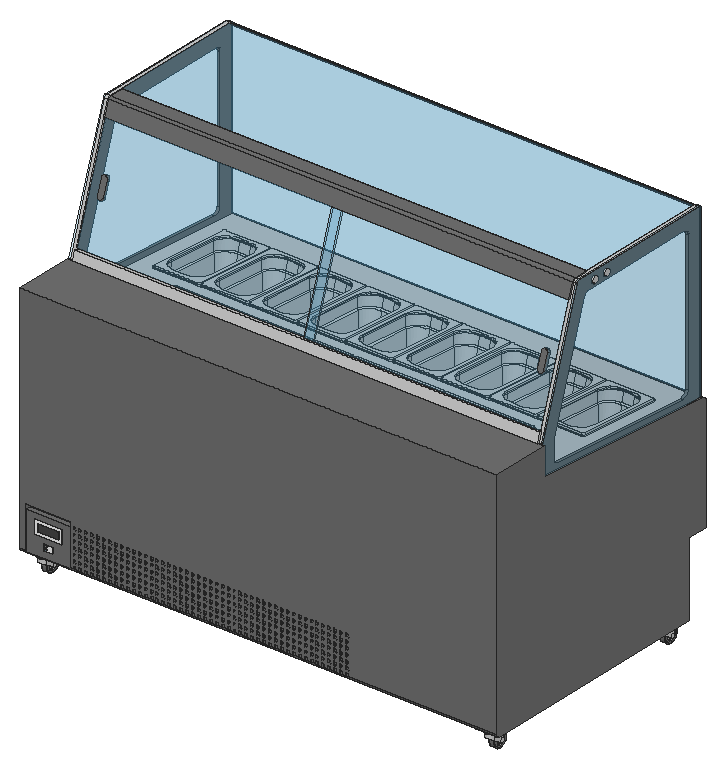
Revit family "QF_BLIZZARD_LUXE12_250923021643", category Specialty Equipment, Revit 2021 (continued)
Definition of nested family "QF_BLIZZARD_SUNDAE12_2920"
  Forms (mm)
    Extrusion 98, solid
      sketch origin (1149, -314.497, 607.195) x (1, 0, 0) y (0, 0.996764, -0.080384)
        loop
          arc (262, -174) -> (260.243, -169.757) -> (256, -168) r 6
          line (256, -168) -> (-31, -168)
          arc (-31, -168) -> (-35.243, -169.757) -> (-37, -174) r 6
          line (-37, -174) -> (-37, -318)
        loop
          arc (-25.015, -264.5) -> (-10.957, -298.441) -> (22.985, -312.5) r 48
          line (22.985, -312.5) -> (202.015, -312.5)
          arc (202.015, -312.5) -> (235.957, -298.441) -> (250.015, -264.5) r 48
          line (250.015, -264.5) -> (250.015, -227.5)
          arc (250.015, -227.5) -> (235.957, -193.559) -> (202.015, -179.5) r 48
          line (202.015, -179.5) -> (22.985, -179.5)
          arc (22.985, -179.5) -> (-10.957, -193.559) -> (-25.015, -227.5) r 48
          line (-25.015, -227.5) -> (-25.015, -264.5)
      from 140 to 145
    Extrusion 99, solid
      sketch origin (1569, -314.898, 602.211) x (1, 0, 0) y (0, 0.996764, -0.080384)
        loop
          arc (-397.015, -202.911) -> (-414.402, -210.113) -> (-421.604, -227.5) r 24.589
          line (-421.604, -227.5) -> (-421.604, -264.5)
          arc (-421.604, -264.5) -> (-414.402, -281.887) -> (-397.015, -289.089) r 24.589
          line (-397.015, -289.089) -> (-217.8, -289.089)
          arc (-217.8, -289.089) -> (-200.544, -281.941) -> (-193.396, -264.685) r 24.404
          line (-193.396, -264.685) -> (-193.396, -227.315)
          arc (-193.396, -227.315) -> (-200.544, -210.059) -> (-217.8, -202.911) r 24.404
          line (-217.8, -202.911) -> (-397.015, -202.911)
      from 0 to 2
    Extrusion 100, solid
      sketch origin (890, -901, -7) x (0, -1, 0) y (0, 0, -1)
        loop
          line (-887, -726.403) -> (-887, -728.41) -> (-222, -782.039) -> (-222, -780.032) -> (-887, -726.403)
      from -870 to 700
    Extrusion 101, void
      sketch origin (618.074, -878.839, 1.994) x (0, -1, 0) y (0, 0, 1)
        loop
          line (-401.082, 788.92) -> (-395.777, 723.133) -> (-390.644, 718.767) -> (-378.909, 631.092)
          arc (-378.909, 631.092) -> (-373.104, 620.491) -> (-361.686, 616.529) r 16.802
          line (-361.686, 616.529) -> (-275.788, 623.456)
          arc (-275.788, 623.456) -> (-265.152, 629.197) -> (-261.121, 640.591) r 16.802
          line (-261.121, 640.591) -> (-263.587, 729.013) -> (-259.22, 734.146) -> (-264.526, 799.932) -> (-401.082, 788.92)
      from -792.926 to 421.074
    Sweep 102, solid
      path origin (397, -390, 608.268) x (0, 0.996764, -0.080384) y (-1, 0, 0)
        loop
          line (22.985, -289.089) -> (202.015, -289.089)
          arc (202.015, -289.089) -> (219.402, -281.887) -> (226.604, -264.5) r 24.589
          line (226.604, -264.5) -> (226.604, -227.5)
          arc (226.604, -227.5) -> (219.402, -210.113) -> (202.015, -202.911) r 24.589
          line (202.015, -202.911) -> (22.985, -202.911)
          arc (22.985, -202.911) -> (5.598, -210.113) -> (-1.604, -227.5) r 24.589
          line (-1.604, -227.5) -> (-1.604, -264.5)
          arc (-1.604, -264.5) -> (5.598, -281.887) -> (22.985, -289.089) r 24.589
      profile origin (686.089, -277.864, 599.225) x (-1, 0, 0) y (0, 0.080384, 0.996764)
        loop
          arc (0, 2) -> (-9.637, 5.845) -> (-13.981, 15.267) r 14
          line (-13.981, 15.267) -> (-18.689, 105.106) -> (-23.411, 109.828) -> (-23.411, 143) -> (-25.411, 143) -> (-25.411, 109) -> (-20.646, 104.235) -> (-15.978, 15.163)
          arc (-15.978, 15.163) -> (-11.014, 4.394) -> (0, 0) r 16
          line (0, 0) -> (0, 2)
    Extrusion 103, solid
      sketch origin (397, -389.598, 613.252) x (0, 0.996764, -0.080384) y (-1, 0, 0)
        loop
          line (-40, -174) -> (-40, -318)
          arc (-40, -318) -> (-37.364, -324.364) -> (-31, -327) r 9
          line (-31, -327) -> (256, -327)
          arc (256, -327) -> (262.364, -324.364) -> (265, -318) r 9
          line (265, -318) -> (265, -174)
          arc (265, -174) -> (262.364, -167.636) -> (256, -165) r 9
          line (256, -165) -> (-31, -165)
          arc (-31, -165) -> (-37.364, -167.636) -> (-40, -174) r 9
        loop
          arc (-25.015, -264.5) -> (-10.957, -298.441) -> (22.985, -312.5) r 48
          line (22.985, -312.5) -> (202.2, -312.5)
          arc (202.2, -312.5) -> (236.011, -298.495) -> (250.015, -264.685) r 47.815
          line (250.015, -264.685) -> (250.015, -227.5)
          arc (250.015, -227.5) -> (235.957, -193.559) -> (202.015, -179.5) r 48
          line (202.015, -179.5) -> (22.985, -179.5)
          arc (22.985, -179.5) -> (-10.957, -193.559) -> (-25.015, -227.5) r 48
          line (-25.015, -227.5) -> (-25.015, -264.5)
      from 138 to 140
    Extrusion 104, solid
      sketch origin (397, -389.598, 613.252) x (0, 0.996764, -0.080384) y (-1, 0, 0)
        loop
          arc (-37, -318) -> (-35.243, -322.243) -> (-31, -324) r 6
          line (-31, -324) -> (256, -324)
          arc (256, -324) -> (260.243, -322.243) -> (262, -318) r 6
          line (262, -318) -> (262, -174)
          arc (262, -174) -> (260.243, -169.757) -> (256, -168) r 6
          line (256, -168) -> (-31, -168)
          arc (-31, -168) -> (-35.243, -169.757) -> (-37, -174) r 6
          line (-37, -174) -> (-37, -318)
        loop
          arc (-25.015, -264.5) -> (-10.957, -298.441) -> (22.985, -312.5) r 48
          line (22.985, -312.5) -> (202.015, -312.5)
          arc (202.015, -312.5) -> (235.957, -298.441) -> (250.015, -264.5) r 48
          line (250.015, -264.5) -> (250.015, -227.5)
          arc (250.015, -227.5) -> (235.957, -193.559) -> (202.015, -179.5) r 48
          line (202.015, -179.5) -> (22.985, -179.5)
          arc (22.985, -179.5) -> (-10.957, -193.559) -> (-25.015, -227.5) r 48
          line (-25.015, -227.5) -> (-25.015, -264.5)
      from 140 to 145
    Extrusion 105, solid
      sketch origin (397, 28.641, 574.507) x (0, 0.996764, -0.080384) y (-1, 0, 0)
        loop
          arc (-397.015, -202.911) -> (-414.402, -210.113) -> (-421.604, -227.5) r 24.589
          line (-421.604, -227.5) -> (-421.604, -264.5)
          arc (-421.604, -264.5) -> (-414.402, -281.887) -> (-397.015, -289.089) r 24.589
          line (-397.015, -289.089) -> (-217.8, -289.089)
          arc (-217.8, -289.089) -> (-200.544, -281.941) -> (-193.396, -264.685) r 24.404
          line (-193.396, -264.685) -> (-193.396, -227.315)
          arc (-193.396, -227.315) -> (-200.544, -210.059) -> (-217.8, -202.911) r 24.404
          line (-217.8, -202.911) -> (-397.015, -202.911)
      from 0 to 2
    Sweep 106, solid
      path origin (235, -390, 608.268) x (0, 0.996764, -0.080384) y (-1, 0, 0)
        loop
          line (22.985, -289.089) -> (202.015, -289.089)
          arc (202.015, -289.089) -> (219.402, -281.887) -> (226.604, -264.5) r 24.589
          line (226.604, -264.5) -> (226.604, -227.5)
          arc (226.604, -227.5) -> (219.402, -210.113) -> (202.015, -202.911) r 24.589
          line (202.015, -202.911) -> (22.985, -202.911)
          arc (22.985, -202.911) -> (5.598, -210.113) -> (-1.604, -227.5) r 24.589
          line (-1.604, -227.5) -> (-1.604, -264.5)
          arc (-1.604, -264.5) -> (5.598, -281.887) -> (22.985, -289.089) r 24.589
      profile origin (524.089, -277.864, 599.225) x (-1, 0, 0) y (0, 0.080384, 0.996764)
        loop
          arc (0, 2) -> (-9.637, 5.845) -> (-13.981, 15.267) r 14
          line (-13.981, 15.267) -> (-18.689, 105.106) -> (-23.411, 109.828) -> (-23.411, 143) -> (-25.411, 143) -> (-25.411, 109) -> (-20.646, 104.235) -> (-15.978, 15.163)
          arc (-15.978, 15.163) -> (-11.014, 4.394) -> (0, 0) r 16
          line (0, 0) -> (0, 2)
    Extrusion 107, solid
      sketch origin (235, -389.598, 613.252) x (0, 0.996764, -0.080384) y (-1, 0, 0)
        loop
          line (-40, -174) -> (-40, -318)
          arc (-40, -318) -> (-37.364, -324.364) -> (-31, -327) r 9
          line (-31, -327) -> (256, -327)
          arc (256, -327) -> (262.364, -324.364) -> (265, -318) r 9
          line (265, -318) -> (265, -174)
          arc (265, -174) -> (262.364, -167.636) -> (256, -165) r 9
          line (256, -165) -> (-31, -165)
          arc (-31, -165) -> (-37.364, -167.636) -> (-40, -174) r 9
        loop
          arc (-25.015, -264.5) -> (-10.957, -298.441) -> (22.985, -312.5) r 48
          line (22.985, -312.5) -> (202.2, -312.5)
          arc (202.2, -312.5) -> (236.011, -298.495) -> (250.015, -264.685) r 47.815
          line (250.015, -264.685) -> (250.015, -227.5)
          arc (250.015, -227.5) -> (235.957, -193.559) -> (202.015, -179.5) r 48
          line (202.015, -179.5) -> (22.985, -179.5)
          arc (22.985, -179.5) -> (-10.957, -193.559) -> (-25.015, -227.5) r 48
          line (-25.015, -227.5) -> (-25.015, -264.5)
      from 138 to 140
    Extrusion 108, solid
      sketch origin (235, -389.598, 613.252) x (0, 0.996764, -0.080384) y (-1, 0, 0)
        loop
          arc (-37, -318) -> (-35.243, -322.243) -> (-31, -324) r 6
          line (-31, -324) -> (256, -324)
          arc (256, -324) -> (260.243, -322.243) -> (262, -318) r 6
          line (262, -318) -> (262, -174)
          arc (262, -174) -> (260.243, -169.757) -> (256, -168) r 6
          line (256, -168) -> (-31, -168)
          arc (-31, -168) -> (-35.243, -169.757) -> (-37, -174) r 6
          line (-37, -174) -> (-37, -318)
        loop
          arc (-25.015, -264.5) -> (-10.957, -298.441) -> (22.985, -312.5) r 48
          line (22.985, -312.5) -> (202.015, -312.5)
          arc (202.015, -312.5) -> (235.957, -298.441) -> (250.015, -264.5) r 48
          line (250.015, -264.5) -> (250.015, -227.5)
          arc (250.015, -227.5) -> (235.957, -193.559) -> (202.015, -179.5) r 48
          line (202.015, -179.5) -> (22.985, -179.5)
          arc (22.985, -179.5) -> (-10.957, -193.559) -> (-25.015, -227.5) r 48
          line (-25.015, -227.5) -> (-25.015, -264.5)
      from 140 to 145
    Extrusion 109, solid
      sketch origin (235, 28.641, 574.507) x (0, 0.996764, -0.080384) y (-1, 0, 0)
        loop
          arc (-397.015, -202.911) -> (-414.402, -210.113) -> (-421.604, -227.5) r 24.589
          line (-421.604, -227.5) -> (-421.604, -264.5)
          arc (-421.604, -264.5) -> (-414.402, -281.887) -> (-397.015, -289.089) r 24.589
          line (-397.015, -289.089) -> (-217.8, -289.089)
          arc (-217.8, -289.089) -> (-200.544, -281.941) -> (-193.396, -264.685) r 24.404
          line (-193.396, -264.685) -> (-193.396, -227.315)
          arc (-193.396, -227.315) -> (-200.544, -210.059) -> (-217.8, -202.911) r 24.404
          line (-217.8, -202.911) -> (-397.015, -202.911)
      from 0 to 2
    Extrusion 110, void
      sketch origin (1080, -880, 0) x (-1, 0, 0) y (0, 0, 1)
        loop
          line (900, 91) -> (890, 91) -> (890, 81) -> (900, 81) -> (900, 91)
        loop
          line (880, 91) -> (870, 91) -> (870, 81) -> (880, 81) -> (880, 91)
        loop
          line (860, 91) -> (850, 91) -> (850, 81) -> (860, 81) -> (860, 91)
        loop
          line (840, 91) -> (830, 91) -> (830, 81) -> (840, 81) -> (840, 91)
        loop
          line (820, 91) -> (810, 91) -> (810, 81) -> (820, 81) -> (820, 91)
        loop
          line (800, 91) -> (790, 91) -> (790, 81) -> (800, 81) -> (800, 91)
        loop
          line (780, 91) -> (770, 91) -> (770, 81) -> (780, 81) -> (780, 91)
        loop
          line (760, 91) -> (750, 91) -> (750, 81) -> (760, 81) -> (760, 91)
        loop
          line (740, 91) -> (730, 91) -> (730, 81) -> (740, 81) -> (740, 91)
        loop
          line (720, 91) -> (710, 91) -> (710, 81) -> (720, 81) -> (720, 91)
        loop
          line (700, 91) -> (690, 91) -> (690, 81) -> (700, 81) -> (700, 91)
        loop
          line (680, 91) -> (670, 91) -> (670, 81) -> (680, 81) -> (680, 91)
        loop
          line (660, 91) -> (650, 91) -> (650, 81) -> (660, 81) -> (660, 91)
        loop
          line (640, 91) -> (630, 91) -> (630, 81) -> (640, 81) -> (640, 91)
        loop
          line (620, 91) -> (610, 91) -> (610, 81) -> (620, 81) -> (620, 91)
        loop
          line (600, 91) -> (590, 91) -> (590, 81) -> (600, 81) -> (600, 91)
        loop
          line (580, 91) -> (570, 91) -> (570, 81) -> (580, 81) -> (580, 91)
        loop
          line (560, 91) -> (550, 91) -> (550, 81) -> (560, 81) -> (560, 91)
        loop
          line (540, 91) -> (530, 91) -> (530, 81) -> (540, 81) -> (540, 91)
        loop
          line (520, 91) -> (510, 91) -> (510, 81) -> (520, 81) -> (520, 91)
        loop
          line (500, 91) -> (490, 91) -> (490, 81) -> (500, 81) -> (500, 91)
        loop
          line (480, 91) -> (470, 91) -> (470, 81) -> (480, 81) -> (480, 91)
        loop
          line (460, 91) -> (450, 91) -> (450, 81) -> (460, 81) -> (460, 91)
        loop
          line (440, 91) -> (430, 91) -> (430, 81) -> (440, 81) -> (440, 91)
        loop
          line (900, 111) -> (890, 111) -> (890, 101) -> (900, 101) -> (900, 111)
        loop
          line (880, 111) -> (870, 111) -> (870, 101) -> (880, 101) -> (880, 111)
        loop
          line (860, 111) -> (850, 111) -> (850, 101) -> (860, 101) -> (860, 111)
        loop
          line (840, 111) -> (830, 111) -> (830, 101) -> (840, 101) -> (840, 111)
        loop
          line (820, 111) -> (810, 111) -> (810, 101) -> (820, 101) -> (820, 111)
        loop
          line (800, 111) -> (790, 111) -> (790, 101) -> (800, 101) -> (800, 111)
        loop
          line (780, 111) -> (770, 111) -> (770, 101) -> (780, 101) -> (780, 111)
        loop
          line (760, 111) -> (750, 111) -> (750, 101) -> (760, 101) -> (760, 111)
        loop
          line (740, 111) -> (730, 111) -> (730, 101) -> (740, 101) -> (740, 111)
        loop
          line (720, 111) -> (710, 111) -> (710, 101) -> (720, 101) -> (720, 111)
        loop
          line (700, 111) -> (690, 111) -> (690, 101) -> (700, 101) -> (700, 111)
        loop
          line (680, 111) -> (670, 111) -> (670, 101) -> (680, 101) -> (680, 111)
        loop
          line (660, 111) -> (650, 111) -> (650, 101) -> (660, 101) -> (660, 111)
        loop
          line (640, 111) -> (630, 111) -> (630, 101) -> (640, 101) -> (640, 111)
        loop
          line (620, 111) -> (610, 111) -> (610, 101) -> (620, 101) -> (620, 111)
        loop
          line (600, 111) -> (590, 111) -> (590, 101) -> (600, 101) -> (600, 111)
        loop
          line (580, 111) -> (570, 111) -> (570, 101) -> (580, 101) -> (580, 111)
        loop
          line (560, 111) -> (550, 111) -> (550, 101) -> (560, 101) -> (560, 111)
        loop
          line (540, 111) -> (530, 111) -> (530, 101) -> (540, 101) -> (540, 111)
        loop
          line (520, 111) -> (510, 111) -> (510, 101) -> (520, 101) -> (520, 111)
        loop
          line (500, 111) -> (490, 111) -> (490, 101) -> (500, 101) -> (500, 111)
        loop
          line (480, 111) -> (470, 111) -> (470, 101) -> (480, 101) -> (480, 111)
        loop
          line (460, 111) -> (450, 111) -> (450, 101) -> (460, 101) -> (460, 111)
        loop
          line (440, 111) -> (430, 111) -> (430, 101) -> (440, 101) -> (440, 111)
        loop
          line (900, 131) -> (890, 131) -> (890, 121) -> (900, 121) -> (900, 131)
        loop
          line (880, 131) -> (870, 131) -> (870, 121) -> (880, 121) -> (880, 131)
        loop
          line (860, 131) -> (850, 131) -> (850, 121) -> (860, 121) -> (860, 131)
        loop
          line (840, 131) -> (830, 131) -> (830, 121) -> (840, 121) -> (840, 131)
        loop
          line (820, 131) -> (810, 131) -> (810, 121) -> (820, 121) -> (820, 131)
        loop
          line (800, 131) -> (790, 131) -> (790, 121) -> (800, 121) -> (800, 131)
        loop
          line (780, 131) -> (770, 131) -> (770, 121) -> (780, 121) -> (780, 131)
        loop
          line (760, 131) -> (750, 131) -> (750, 121) -> (760, 121) -> (760, 131)
        loop
          line (740, 131) -> (730, 131) -> (730, 121) -> (740, 121) -> (740, 131)
        loop
          line (720, 131) -> (710, 131) -> (710, 121) -> (720, 121) -> (720, 131)
        loop
          line (700, 131) -> (690, 131) -> (690, 121) -> (700, 121) -> (700, 131)
        loop
          line (680, 131) -> (670, 131) -> (670, 121) -> (680, 121) -> (680, 131)
        loop
          line (660, 131) -> (650, 131) -> (650, 121) -> (660, 121) -> (660, 131)
        loop
          line (640, 131) -> (630, 131) -> (630, 121) -> (640, 121) -> (640, 131)
        loop
          line (620, 131) -> (610, 131) -> (610, 121) -> (620, 121) -> (620, 131)
        loop
          line (600, 131) -> (590, 131) -> (590, 121) -> (600, 121) -> (600, 131)
        loop
          line (580, 131) -> (570, 131) -> (570, 121) -> (580, 121) -> (580, 131)
        loop
          line (560, 131) -> (550, 131) -> (550, 121) -> (560, 121) -> (560, 131)
        loop
          line (540, 131) -> (530, 131) -> (530, 121) -> (540, 121) -> (540, 131)
        loop
          line (520, 131) -> (510, 131) -> (510, 121) -> (520, 121) -> (520, 131)
        loop
          line (500, 131) -> (490, 131) -> (490, 121) -> (500, 121) -> (500, 131)
        loop
          line (480, 131) -> (470, 131) -> (470, 121) -> (480, 121) -> (480, 131)
        loop
          line (460, 131) -> (450, 131) -> (450, 121) -> (460, 121) -> (460, 131)
        loop
          line (440, 131) -> (430, 131) -> (430, 121) -> (440, 121) -> (440, 131)
        loop
          line (900, 151) -> (890, 151) -> (890, 141) -> (900, 141) -> (900, 151)
        loop
          line (880, 151) -> (870, 151) -> (870, 141) -> (880, 141) -> (880, 151)
        loop
          line (860, 151) -> (850, 151) -> (850, 141) -> (860, 141) -> (860, 151)
        loop
          line (840, 151) -> (830, 151) -> (830, 141) -> (840, 141) -> (840, 151)
        loop
          line (820, 151) -> (810, 151) -> (810, 141) -> (820, 141) -> (820, 151)
        loop
          line (800, 151) -> (790, 151) -> (790, 141) -> (800, 141) -> (800, 151)
        loop
          line (780, 151) -> (770, 151) -> (770, 141) -> (780, 141) -> (780, 151)
        loop
          line (760, 151) -> (750, 151) -> (750, 141) -> (760, 141) -> (760, 151)
        loop
          line (740, 151) -> (730, 151) -> (730, 141) -> (740, 141) -> (740, 151)
        loop
          line (720, 151) -> (710, 151) -> (710, 141) -> (720, 141) -> (720, 151)
        loop
          line (700, 151) -> (690, 151) -> (690, 141) -> (700, 141) -> (700, 151)
        loop
          line (680, 151) -> (670, 151) -> (670, 141) -> (680, 141) -> (680, 151)
        loop
          line (660, 151) -> (650, 151) -> (650, 141) -> (660, 141) -> (660, 151)
        loop
          line (640, 151) -> (630, 151) -> (630, 141) -> (640, 141) -> (640, 151)
        loop
          line (620, 151) -> (610, 151) -> (610, 141) -> (620, 141) -> (620, 151)
        loop
          line (600, 151) -> (590, 151) -> (590, 141) -> (600, 141) -> (600, 151)
        loop
          line (580, 151) -> (570, 151) -> (570, 141) -> (580, 141) -> (580, 151)
        loop
          line (560, 151) -> (550, 151) -> (550, 141) -> (560, 141) -> (560, 151)
        loop
          line (540, 151) -> (530, 151) -> (530, 141) -> (540, 141) -> (540, 151)
        loop
          line (520, 151) -> (510, 151) -> (510, 141) -> (520, 141) -> (520, 151)
        loop
          line (500, 151) -> (490, 151) -> (490, 141) -> (500, 141) -> (500, 151)
        loop
          line (480, 151) -> (470, 151) -> (470, 141) -> (480, 141) -> (480, 151)
        loop
          line (460, 151) -> (450, 151) -> (450, 141) -> (460, 141) -> (460, 151)
        loop
          line (440, 151) -> (430, 151) -> (430, 141) -> (440, 141) -> (440, 151)
        loop
          line (900, 171) -> (890, 171) -> (890, 161) -> (900, 161) -> (900, 171)
        loop
          line (880, 171) -> (870, 171) -> (870, 161) -> (880, 161) -> (880, 171)
        loop
          line (860, 171) -> (850, 171) -> (850, 161) -> (860, 161) -> (860, 171)
        loop
          line (840, 171) -> (830, 171) -> (830, 161) -> (840, 161) -> (840, 171)
        loop
          line (820, 171) -> (810, 171) -> (810, 161) -> (820, 161) -> (820, 171)
        loop
          line (800, 171) -> (790, 171) -> (790, 161) -> (800, 161) -> (800, 171)
        loop
          line (780, 171) -> (770, 171) -> (770, 161) -> (780, 161) -> (780, 171)
        loop
          line (760, 171) -> (750, 171) -> (750, 161) -> (760, 161) -> (760, 171)
        loop
          line (740, 171) -> (730, 171) -> (730, 161) -> (740, 161) -> (740, 171)
        loop
          line (720, 171) -> (710, 171) -> (710, 161) -> (720, 161) -> (720, 171)
        loop
          line (700, 171) -> (690, 171) -> (690, 161) -> (700, 161) -> (700, 171)
        loop
          line (680, 171) -> (670, 171) -> (670, 161) -> (680, 161) -> (680, 171)
        loop
          line (660, 171) -> (650, 171) -> (650, 161) -> (660, 161) -> (660, 171)
        loop
          line (640, 171) -> (630, 171) -> (630, 161) -> (640, 161) -> (640, 171)
        loop
          line (620, 171) -> (610, 171) -> (610, 161) -> (620, 161) -> (620, 171)
        loop
          line (600, 171) -> (590, 171) -> (590, 161) -> (600, 161) -> (600, 171)
        loop
          line (580, 171) -> (570, 171) -> (570, 161) -> (580, 161) -> (580, 171)
        loop
          line (560, 171) -> (550, 171) -> (550, 161) -> (560, 161) -> (560, 171)
        loop
          line (540, 171) -> (530, 171) -> (530, 161) -> (540, 161) -> (540, 171)
        loop
          line (520, 171) -> (510, 171) -> (510, 161) -> (520, 161) -> (520, 171)
        loop
          line (500, 171) -> (490, 171) -> (490, 161) -> (500, 161) -> (500, 171)
        loop
          line (480, 171) -> (470, 171) -> (470, 161) -> (480, 161) -> (480, 171)
        loop
          line (460, 171) -> (450, 171) -> (450, 161) -> (460, 161) -> (460, 171)
        loop
          line (440, 171) -> (430, 171) -> (430, 161) -> (440, 161) -> (440, 171)
        loop
          line (900, 191) -> (890, 191) -> (890, 181) -> (900, 181) -> (900, 191)
        loop
          line (880, 191) -> (870, 191) -> (870, 181) -> (880, 181) -> (880, 191)
        loop
          line (860, 191) -> (850, 191) -> (850, 181) -> (860, 181) -> (860, 191)
        loop
          line (840, 191) -> (830, 191) -> (830, 181) -> (840, 181) -> (840, 191)
        loop
          line (820, 191) -> (810, 191) -> (810, 181) -> (820, 181) -> (820, 191)
        loop
          line (800, 191) -> (790, 191) -> (790, 181) -> (800, 181) -> (800, 191)
        loop
          line (780, 191) -> (770, 191) -> (770, 181) -> (780, 181) -> (780, 191)
        loop
          line (760, 191) -> (750, 191) -> (750, 181) -> (760, 181) -> (760, 191)
        loop
          line (740, 191) -> (730, 191) -> (730, 181) -> (740, 181) -> (740, 191)
        loop
          line (720, 191) -> (710, 191) -> (710, 181) -> (720, 181) -> (720, 191)
        loop
          line (700, 191) -> (690, 191) -> (690, 181) -> (700, 181) -> (700, 191)
        loop
          line (680, 191) -> (670, 191) -> (670, 181) -> (680, 181) -> (680, 191)
        loop
          line (660, 191) -> (650, 191) -> (650, 181) -> (660, 181) -> (660, 191)
        loop
          line (640, 191) -> (630, 191) -> (630, 181) -> (640, 181) -> (640, 191)
        loop
          line (620, 191) -> (610, 191) -> (610, 181) -> (620, 181) -> (620, 191)
        loop
          line (600, 191) -> (590, 191) -> (590, 181) -> (600, 181) -> (600, 191)
        loop
          line (580, 191) -> (570, 191) -> (570, 181) -> (580, 181) -> (580, 191)
        loop
          line (560, 191) -> (550, 191) -> (550, 181) -> (560, 181) -> (560, 191)
        loop
          line (540, 191) -> (530, 191) -> (530, 181) -> (540, 181) -> (540, 191)
        loop
          line (520, 191) -> (510, 191) -> (510, 181) -> (520, 181) -> (520, 191)
        loop
          line (500, 191) -> (490, 191) -> (490, 181) -> (500, 181) -> (500, 191)
        loop
          line (480, 191) -> (470, 191) -> (470, 181) -> (480, 181) -> (480, 191)
        loop
          line (460, 191) -> (450, 191) -> (450, 181) -> (460, 181) -> (460, 191)
        loop
          line (440, 191) -> (430, 191) -> (430, 181) -> (440, 181) -> (440, 191)
        loop
          line (900, 211) -> (890, 211) -> (890, 201) -> (900, 201) -> (900, 211)
        loop
          line (880, 211) -> (870, 211) -> (870, 201) -> (880, 201) -> (880, 211)
        loop
          line (860, 211) -> (850, 211) -> (850, 201) -> (860, 201) -> (860, 211)
        loop
          line (840, 211) -> (830, 211) -> (830, 201) -> (840, 201) -> (840, 211)
        loop
          line (820, 211) -> (810, 211) -> (810, 201) -> (820, 201) -> (820, 211)
        loop
          line (800, 211) -> (790, 211) -> (790, 201) -> (800, 201) -> (800, 211)
        loop
          line (780, 211) -> (770, 211) -> (770, 201) -> (780, 201) -> (780, 211)
        loop
          line (760, 211) -> (750, 211) -> (750, 201) -> (760, 201) -> (760, 211)
        loop
          line (740, 211) -> (730, 211) -> (730, 201) -> (740, 201) -> (740, 211)
        loop
          line (720, 211) -> (710, 211) -> (710, 201) -> (720, 201) -> (720, 211)
        loop
          line (700, 211) -> (690, 211) -> (690, 201) -> (700, 201) -> (700, 211)
        loop
          line (680, 211) -> (670, 211) -> (670, 201) -> (680, 201) -> (680, 211)
        loop
          line (660, 211) -> (650, 211) -> (650, 201) -> (660, 201) -> (660, 211)
        loop
          line (640, 211) -> (630, 211) -> (630, 201) -> (640, 201) -> (640, 211)
        loop
          line (620, 211) -> (610, 211) -> (610, 201) -> (620, 201) -> (620, 211)
        loop
          line (600, 211) -> (590, 211) -> (590, 201) -> (600, 201) -> (600, 211)
        loop
          line (580, 211) -> (570, 211) -> (570, 201) -> (580, 201) -> (580, 211)
        loop
          line (560, 211) -> (550, 211) -> (550, 201) -> (560, 201) -> (560, 211)
        loop
          line (540, 211) -> (530, 211) -> (530, 201) -> (540, 201) -> (540, 211)
        loop
          line (520, 211) -> (510, 211) -> (510, 201) -> (520, 201) -> (520, 211)
        loop
          line (500, 211) -> (490, 211) -> (490, 201) -> (500, 201) -> (500, 211)
        loop
          line (480, 211) -> (470, 211) -> (470, 201) -> (480, 201) -> (480, 211)
        loop
          line (460, 211) -> (450, 211) -> (450, 201) -> (460, 201) -> (460, 211)
        loop
          line (440, 211) -> (430, 211) -> (430, 201) -> (440, 201) -> (440, 211)
        loop
          line (420, 91) -> (410, 91) -> (410, 81) -> (420, 81) -> (420, 91)
        loop
          line (400, 91) -> (390, 91) -> (390, 81) -> (400, 81) -> (400, 91)
        loop
          line (380, 91) -> (370, 91) -> (370, 81) -> (380, 81) -> (380, 91)
        loop
          line (360, 91) -> (350, 91) -> (350, 81) -> (360, 81) -> (360, 91)
        loop
          line (340, 91) -> (330, 91) -> (330, 81) -> (340, 81) -> (340, 91)
        loop
          line (320, 91) -> (310, 91) -> (310, 81) -> (320, 81) -> (320, 91)
        loop
          line (300, 91) -> (290, 91) -> (290, 81) -> (300, 81) -> (300, 91)
        loop
          line (280, 91) -> (270, 91) -> (270, 81) -> (280, 81) -> (280, 91)
        loop
          line (260, 91) -> (250, 91) -> (250, 81) -> (260, 81) -> (260, 91)
        loop
          line (240, 91) -> (230, 91) -> (230, 81) -> (240, 81) -> (240, 91)
        loop
          line (220, 91) -> (210, 91) -> (210, 81) -> (220, 81) -> (220, 91)
        loop
          line (200, 91) -> (190, 91) -> (190, 81) -> (200, 81) -> (200, 91)
        loop
          line (180, 91) -> (170, 91) -> (170, 81) -> (180, 81) -> (180, 91)
        loop
          line (160, 91) -> (150, 91) -> (150, 81) -> (160, 81) -> (160, 91)
        loop
          line (140, 91) -> (130, 91) -> (130, 81) -> (140, 81) -> (140, 91)
        loop
          line (120, 91) -> (110, 91) -> (110, 81) -> (120, 81) -> (120, 91)
        loop
          line (100, 91) -> (90, 91) -> (90, 81) -> (100, 81) -> (100, 91)
        loop
          line (80, 91) -> (70, 91) -> (70, 81) -> (80, 81) -> (80, 91)
        loop
          line (60, 91) -> (50, 91) -> (50, 81) -> (60, 81) -> (60, 91)
        loop
          line (40, 91) -> (30, 91) -> (30, 81) -> (40, 81) -> (40, 91)
        loop
          line (20, 91) -> (10, 91) -> (10, 81) -> (20, 81) -> (20, 91)
        loop
          line (0, 91) -> (-10, 91) -> (-10, 81) -> (0, 81) -> (0, 91)
        loop
          line (-20, 91) -> (-30, 91) -> (-30, 81) -> (-20, 81) -> (-20, 91)
        loop
          line (420, 111) -> (410, 111) -> (410, 101) -> (420, 101) -> (420, 111)
        loop
          line (400, 111) -> (390, 111) -> (390, 101) -> (400, 101) -> (400, 111)
        loop
          line (380, 111) -> (370, 111) -> (370, 101) -> (380, 101) -> (380, 111)
        loop
          line (360, 111) -> (350, 111) -> (350, 101) -> (360, 101) -> (360, 111)
        loop
          line (340, 111) -> (330, 111) -> (330, 101) -> (340, 101) -> (340, 111)
        loop
          line (320, 111) -> (310, 111) -> (310, 101) -> (320, 101) -> (320, 111)
        loop
          line (300, 111) -> (290, 111) -> (290, 101) -> (300, 101) -> (300, 111)
        loop
          line (280, 111) -> (270, 111) -> (270, 101) -> (280, 101) -> (280, 111)
        loop
          line (260, 111) -> (250, 111) -> (250, 101) -> (260, 101) -> (260, 111)
        loop
          line (240, 111) -> (230, 111) -> (230, 101) -> (240, 101) -> (240, 111)
        loop
          line (220, 111) -> (210, 111) -> (210, 101) -> (220, 101) -> (220, 111)
        loop
          line (200, 111) -> (190, 111) -> (190, 101) -> (200, 101) -> (200, 111)
        loop
          line (180, 111) -> (170, 111) -> (170, 101) -> (180, 101) -> (180, 111)
        loop
          line (160, 111) -> (150, 111) -> (150, 101) -> (160, 101) -> (160, 111)
        loop
          line (140, 111) -> (130, 111) -> (130, 101) -> (140, 101) -> (140, 111)
        loop
          line (120, 111) -> (110, 111) -> (110, 101) -> (120, 101) -> (120, 111)
        loop
          line (100, 111) -> (90, 111) -> (90, 101) -> (100, 101) -> (100, 111)
        loop
          line (80, 111) -> (70, 111) -> (70, 101) -> (80, 101) -> (80, 111)
        loop
          line (60, 111) -> (50, 111) -> (50, 101) -> (60, 101) -> (60, 111)
        loop
          line (40, 111) -> (30, 111) -> (30, 101) -> (40, 101) -> (40, 111)
        loop
          line (20, 111) -> (10, 111) -> (10, 101) -> (20, 101) -> (20, 111)
        loop
          line (0, 111) -> (-10, 111) -> (-10, 101) -> (0, 101) -> (0, 111)
        loop
          line (-20, 111) -> (-30, 111) -> (-30, 101) -> (-20, 101) -> (-20, 111)
        loop
          line (420, 131) -> (410, 131) -> (410, 121) -> (420, 121) -> (420, 131)
        loop
          line (400, 131) -> (390, 131) -> (390, 121) -> (400, 121) -> (400, 131)
        loop
          line (380, 131) -> (370, 131) -> (370, 121) -> (380, 121) -> (380, 131)
        loop
          line (360, 131) -> (350, 131) -> (350, 121) -> (360, 121) -> (360, 131)
        loop
          line (340, 131) -> (330, 131) -> (330, 121) -> (340, 121) -> (340, 131)
        loop
          line (320, 131) -> (310, 131) -> (310, 121) -> (320, 121) -> (320, 131)
        loop
          line (300, 131) -> (290, 131) -> (290, 121) -> (300, 121) -> (300, 131)
        loop
          line (280, 131) -> (270, 131) -> (270, 121) -> (280, 121) -> (280, 131)
        loop
          line (260, 131) -> (250, 131) -> (250, 121) -> (260, 121) -> (260, 131)
        loop
          line (240, 131) -> (230, 131) -> (230, 121) -> (240, 121) -> (240, 131)
        loop
          line (220, 131) -> (210, 131) -> (210, 121) -> (220, 121) -> (220, 131)
        loop
          line (200, 131) -> (190, 131) -> (190, 121) -> (200, 121) -> (200, 131)
        loop
          line (180, 131) -> (170, 131) -> (170, 121) -> (180, 121) -> (180, 131)
        loop
          line (160, 131) -> (150, 131) -> (150, 121) -> (160, 121) -> (160, 131)
        loop
          line (140, 131) -> (130, 131) -> (130, 121) -> (140, 121) -> (140, 131)
        loop
          line (120, 131) -> (110, 131) -> (110, 121) -> (120, 121) -> (120, 131)
        loop
          line (100, 131) -> (90, 131) -> (90, 121) -> (100, 121) -> (100, 131)
        loop
          line (80, 131) -> (70, 131) -> (70, 121) -> (80, 121) -> (80, 131)
        loop
          line (60, 131) -> (50, 131) -> (50, 121) -> (60, 121) -> (60, 131)
        loop
          line (40, 131) -> (30, 131) -> (30, 121) -> (40, 121) -> (40, 131)
        loop
          line (20, 131) -> (10, 131) -> (10, 121) -> (20, 121) -> (20, 131)
        loop
          line (0, 131) -> (-10, 131) -> (-10, 121) -> (0, 121) -> (0, 131)
        loop
          line (-20, 131) -> (-30, 131) -> (-30, 121) -> (-20, 121) -> (-20, 131)
        loop
          line (420, 151) -> (410, 151) -> (410, 141) -> (420, 141) -> (420, 151)
        loop
          line (400, 151) -> (390, 151) -> (390, 141) -> (400, 141) -> (400, 151)
        loop
          line (380, 151) -> (370, 151) -> (370, 141) -> (380, 141) -> (380, 151)
        loop
          line (360, 151) -> (350, 151) -> (350, 141) -> (360, 141) -> (360, 151)
        loop
          line (340, 151) -> (330, 151) -> (330, 141) -> (340, 141) -> (340, 151)
        loop
          line (320, 151) -> (310, 151) -> (310, 141) -> (320, 141) -> (320, 151)
        loop
          line (300, 151) -> (290, 151) -> (290, 141) -> (300, 141) -> (300, 151)
        loop
          line (280, 151) -> (270, 151) -> (270, 141) -> (280, 141) -> (280, 151)
        loop
          line (260, 151) -> (250, 151) -> (250, 141) -> (260, 141) -> (260, 151)
        loop
          line (240, 151) -> (230, 151) -> (230, 141) -> (240, 141) -> (240, 151)
        loop
          line (220, 151) -> (210, 151) -> (210, 141) -> (220, 141) -> (220, 151)
        loop
          line (200, 151) -> (190, 151) -> (190, 141) -> (200, 141) -> (200, 151)
        loop
          line (180, 151) -> (170, 151) -> (170, 141) -> (180, 141) -> (180, 151)
        loop
          line (160, 151) -> (150, 151) -> (150, 141) -> (160, 141) -> (160, 151)
        loop
          line (140, 151) -> (130, 151) -> (130, 141) -> (140, 141) -> (140, 151)
        loop
          line (120, 151) -> (110, 151) -> (110, 141) -> (120, 141) -> (120, 151)
        loop
          line (100, 151) -> (90, 151) -> (90, 141) -> (100, 141) -> (100, 151)
        loop
          line (80, 151) -> (70, 151) -> (70, 141) -> (80, 141) -> (80, 151)
        loop
          line (60, 151) -> (50, 151) -> (50, 141) -> (60, 141) -> (60, 151)
        loop
          line (40, 151) -> (30, 151) -> (30, 141) -> (40, 141) -> (40, 151)
        loop
          line (20, 151) -> (10, 151) -> (10, 141) -> (20, 141) -> (20, 151)
        loop
          line (0, 151) -> (-10, 151) -> (-10, 141) -> (0, 141) -> (0, 151)
        loop
          line (-20, 151) -> (-30, 151) -> (-30, 141) -> (-20, 141) -> (-20, 151)
        loop
          line (420, 171) -> (410, 171) -> (410, 161) -> (420, 161) -> (420, 171)
        loop
          line (400, 171) -> (390, 171) -> (390, 161) -> (400, 161) -> (400, 171)
        loop
          line (380, 171) -> (370, 171) -> (370, 161) -> (380, 161) -> (380, 171)
        loop
          line (360, 171) -> (350, 171) -> (350, 161) -> (360, 161) -> (360, 171)
        loop
          line (340, 171) -> (330, 171) -> (330, 161) -> (340, 161) -> (340, 171)
        loop
          line (320, 171) -> (310, 171) -> (310, 161) -> (320, 161) -> (320, 171)
        loop
          line (300, 171) -> (290, 171) -> (290, 161) -> (300, 161) -> (300, 171)
        loop
          line (280, 171) -> (270, 171) -> (270, 161) -> (280, 161) -> (280, 171)
        loop
          line (260, 171) -> (250, 171) -> (250, 161) -> (260, 161) -> (260, 171)
        loop
          line (240, 171) -> (230, 171) -> (230, 161) -> (240, 161) -> (240, 171)
        loop
          line (220, 171) -> (210, 171) -> (210, 161) -> (220, 161) -> (220, 171)
        loop
          line (200, 171) -> (190, 171) -> (190, 161) -> (200, 161) -> (200, 171)
        loop
          line (180, 171) -> (170, 171) -> (170, 161) -> (180, 161) -> (180, 171)
        loop
          line (160, 171) -> (150, 171) -> (150, 161) -> (160, 161) -> (160, 171)
        loop
          line (140, 171) -> (130, 171) -> (130, 161) -> (140, 161) -> (140, 171)
        loop
          line (120, 171) -> (110, 171) -> (110, 161) -> (120, 161) -> (120, 171)
        loop
          line (100, 171) -> (90, 171) -> (90, 161) -> (100, 161) -> (100, 171)
        loop
          line (80, 171) -> (70, 171) -> (70, 161) -> (80, 161) -> (80, 171)
        loop
          line (60, 171) -> (50, 171) -> (50, 161) -> (60, 161) -> (60, 171)
        loop
          line (40, 171) -> (30, 171) -> (30, 161) -> (40, 161) -> (40, 171)
        loop
          line (20, 171) -> (10, 171) -> (10, 161) -> (20, 161) -> (20, 171)
        loop
          line (0, 171) -> (-10, 171) -> (-10, 161) -> (0, 161) -> (0, 171)
        loop
          line (-20, 171) -> (-30, 171) -> (-30, 161) -> (-20, 161) -> (-20, 171)
        loop
          line (420, 191) -> (410, 191) -> (410, 181) -> (420, 181) -> (420, 191)
        loop
          line (400, 191) -> (390, 191) -> (390, 181) -> (400, 181) -> (400, 191)
        loop
          line (380, 191) -> (370, 191) -> (370, 181) -> (380, 181) -> (380, 191)
        loop
          line (360, 191) -> (350, 191) -> (350, 181) -> (360, 181) -> (360, 191)
        loop
          line (340, 191) -> (330, 191) -> (330, 181) -> (340, 181) -> (340, 191)
        loop
          line (320, 191) -> (310, 191) -> (310, 181) -> (320, 181) -> (320, 191)
        loop
          line (300, 191) -> (290, 191) -> (290, 181) -> (300, 181) -> (300, 191)
        loop
          line (280, 191) -> (270, 191) -> (270, 181) -> (280, 181) -> (280, 191)
        loop
          line (260, 191) -> (250, 191) -> (250, 181) -> (260, 181) -> (260, 191)
        loop
          line (240, 191) -> (230, 191) -> (230, 181) -> (240, 181) -> (240, 191)
        loop
          line (220, 191) -> (210, 191) -> (210, 181) -> (220, 181) -> (220, 191)
        loop
          line (200, 191) -> (190, 191) -> (190, 181) -> (200, 181) -> (200, 191)
        loop
          line (180, 191) -> (170, 191) -> (170, 181) -> (180, 181) -> (180, 191)
        loop
          line (160, 191) -> (150, 191) -> (150, 181) -> (160, 181) -> (160, 191)
        loop
          line (140, 191) -> (130, 191) -> (130, 181) -> (140, 181) -> (140, 191)
        loop
          line (120, 191) -> (110, 191) -> (110, 181) -> (120, 181) -> (120, 191)
        loop
          line (100, 191) -> (90, 191) -> (90, 181) -> (100, 181) -> (100, 191)
        loop
          line (80, 191) -> (70, 191) -> (70, 181) -> (80, 181) -> (80, 191)
        loop
          line (60, 191) -> (50, 191) -> (50, 181) -> (60, 181) -> (60, 191)
        loop
          line (40, 191) -> (30, 191) -> (30, 181) -> (40, 181) -> (40, 191)
        loop
          line (20, 191) -> (10, 191) -> (10, 181) -> (20, 181) -> (20, 191)
        loop
          line (0, 191) -> (-10, 191) -> (-10, 181) -> (0, 181) -> (0, 191)
        loop
          line (-20, 191) -> (-30, 191) -> (-30, 181) -> (-20, 181) -> (-20, 191)
        loop
          line (420, 211) -> (410, 211) -> (410, 201) -> (420, 201) -> (420, 211)
        loop
          line (400, 211) -> (390, 211) -> (390, 201) -> (400, 201) -> (400, 211)
        loop
          line (380, 211) -> (370, 211) -> (370, 201) -> (380, 201) -> (380, 211)
        loop
          line (360, 211) -> (350, 211) -> (350, 201) -> (360, 201) -> (360, 211)
        loop
          line (340, 211) -> (330, 211) -> (330, 201) -> (340, 201) -> (340, 211)
        loop
          line (320, 211) -> (310, 211) -> (310, 201) -> (320, 201) -> (320, 211)
        loop
          line (300, 211) -> (290, 211) -> (290, 201) -> (300, 201) -> (300, 211)
        loop
          line (280, 211) -> (270, 211) -> (270, 201) -> (280, 201) -> (280, 211)
        loop
          line (260, 211) -> (250, 211) -> (250, 201) -> (260, 201) -> (260, 211)
        loop
          line (240, 211) -> (230, 211) -> (230, 201) -> (240, 201) -> (240, 211)
        loop
          line (220, 211) -> (210, 211) -> (210, 201) -> (220, 201) -> (220, 211)
        loop
          line (200, 211) -> (190, 211) -> (190, 201) -> (200, 201) -> (200, 211)
        loop
          line (180, 211) -> (170, 211) -> (170, 201) -> (180, 201) -> (180, 211)
        loop
          line (160, 211) -> (150, 211) -> (150, 201) -> (160, 201) -> (160, 211)
        loop
          line (140, 211) -> (130, 211) -> (130, 201) -> (140, 201) -> (140, 211)
        loop
          line (120, 211) -> (110, 211) -> (110, 201) -> (120, 201) -> (120, 211)
        loop
          line (100, 211) -> (90, 211) -> (90, 201) -> (100, 201) -> (100, 211)
        loop
          line (80, 211) -> (70, 211) -> (70, 201) -> (80, 201) -> (80, 211)
        loop
          line (60, 211) -> (50, 211) -> (50, 201) -> (60, 201) -> (60, 211)
        loop
          line (40, 211) -> (30, 211) -> (30, 201) -> (40, 201) -> (40, 211)
        loop
          line (20, 211) -> (10, 211) -> (10, 201) -> (20, 201) -> (20, 211)
        loop
          line (0, 211) -> (-10, 211) -> (-10, 201) -> (0, 201) -> (0, 211)
        loop
          line (-20, 211) -> (-30, 211) -> (-30, 201) -> (-20, 201) -> (-20, 211)
      from 0 to 2
    Extrusion 111, void
      sketch origin (910, -879, 0) x (0, -1, 0) y (0, 0, 1)
        loop
          line (1, 71) -> (1, 221) -> (-19, 221) -> (-19, 206) -> (-1, 206) -> (-1, 71) -> (1, 71)
      from 740 to 890
    Extrusion 112, solid
      sketch origin (910, -878.5, 0) x (-1, 0, 0) y (0, 0, 1)
        loop
          line (860, 186) -> (770, 186) -> (770, 141) -> (860, 141) -> (860, 186)
        loop
          line (780, 151) -> (850, 151) -> (850, 176) -> (780, 176) -> (780, 151)
      from 0 to 2
    Extrusion 113, solid
      sketch origin (910, -878.5, -2) x (-1, 0, 0) y (0, 0, 1)
        loop
          line (850, 178) -> (780, 178) -> (780, 153) -> (850, 153) -> (850, 178)
      from 0 to 2
    Extrusion 114, solid
      sketch origin (910, -878.5, -45) x (-1, 0, 0) y (0, 0, 1)
        loop
          line (830, 166) -> (800, 166) -> (800, 146) -> (830, 146) -> (830, 166)
      from 0 to 2
    Extrusion 115, solid
      sketch origin (910, -879, -49.5) x (-1, 0, 0) y (0, 0, 1)
        loop
          line (825, 168) -> (820, 168) -> (820, 163) -> (825, 163) -> (825, 168)
      from 0 to 2
    Extrusion 116, solid
      sketch origin (910, -879, -59.5) x (-1, 0, 0) y (0, 0, 1)
        loop
          line (825, 168) -> (820, 168) -> (820, 163) -> (825, 163) -> (825, 168)
      from 0 to 2
    Sweep 117, solid
      path origin (539, -314.898, 602.211) x (1, 0, 0) y (0, 0.996764, -0.080384)
        loop
          line (22.985, -289.089) -> (202.015, -289.089)
          arc (202.015, -289.089) -> (219.402, -281.887) -> (226.604, -264.5) r 24.589
          line (226.604, -264.5) -> (226.604, -227.5)
          arc (226.604, -227.5) -> (219.402, -210.113) -> (202.015, -202.911) r 24.589
          line (202.015, -202.911) -> (22.985, -202.911)
          arc (22.985, -202.911) -> (5.598, -210.113) -> (-1.604, -227.5) r 24.589
          line (-1.604, -227.5) -> (-1.604, -264.5)
          arc (-1.604, -264.5) -> (5.598, -281.887) -> (22.985, -289.089) r 24.589
      profile origin (651.5, -603.051, 625.45) x (0, 0.996764, -0.080384) y (0, 0.080384, 0.996764)
        loop
          arc (0, 2) -> (-9.637, 5.845) -> (-13.981, 15.267) r 14
          line (-13.981, 15.267) -> (-18.689, 105.106) -> (-23.411, 109.828) -> (-23.411, 143) -> (-25.411, 143) -> (-25.411, 109) -> (-20.646, 104.235) -> (-15.978, 15.163)
          arc (-15.978, 15.163) -> (-11.014, 4.394) -> (0, 0) r 16
          line (0, 0) -> (0, 2)
    Extrusion 118, solid
      sketch origin (959, -314.898, 602.211) x (1, 0, 0) y (0, 0.996764, -0.080384)
        loop
          arc (-397.015, -202.911) -> (-414.402, -210.113) -> (-421.604, -227.5) r 24.589
          line (-421.604, -227.5) -> (-421.604, -264.5)
          arc (-421.604, -264.5) -> (-414.402, -281.887) -> (-397.015, -289.089) r 24.589
          line (-397.015, -289.089) -> (-217.8, -289.089)
          arc (-217.8, -289.089) -> (-200.544, -281.941) -> (-193.396, -264.685) r 24.404
          line (-193.396, -264.685) -> (-193.396, -227.315)
          arc (-193.396, -227.315) -> (-200.544, -210.059) -> (-217.8, -202.911) r 24.404
          line (-217.8, -202.911) -> (-397.015, -202.911)
      from 0 to 2
    Sweep 119, solid
      path origin (234, -314.898, 602.211) x (1, 0, 0) y (0, 0.996764, -0.080384)
        loop
          line (22.985, -289.089) -> (202.015, -289.089)
          arc (202.015, -289.089) -> (219.402, -281.887) -> (226.604, -264.5) r 24.589
          line (226.604, -264.5) -> (226.604, -227.5)
          arc (226.604, -227.5) -> (219.402, -210.113) -> (202.015, -202.911) r 24.589
          line (202.015, -202.911) -> (22.985, -202.911)
          arc (22.985, -202.911) -> (5.598, -210.113) -> (-1.604, -227.5) r 24.589
          line (-1.604, -227.5) -> (-1.604, -264.5)
          arc (-1.604, -264.5) -> (5.598, -281.887) -> (22.985, -289.089) r 24.589
      profile origin (346.5, -603.051, 625.45) x (0, 0.996764, -0.080384) y (0, 0.080384, 0.996764)
        loop
          arc (0, 2) -> (-9.637, 5.845) -> (-13.981, 15.267) r 14
          line (-13.981, 15.267) -> (-18.689, 105.106) -> (-23.411, 109.828) -> (-23.411, 143) -> (-25.411, 143) -> (-25.411, 109) -> (-20.646, 104.235) -> (-15.978, 15.163)
          arc (-15.978, 15.163) -> (-11.014, 4.394) -> (0, 0) r 16
          line (0, 0) -> (0, 2)
    Extrusion 120, solid
      sketch origin (654, -314.898, 602.211) x (1, 0, 0) y (0, 0.996764, -0.080384)
        loop
          arc (-397.015, -202.911) -> (-414.402, -210.113) -> (-421.604, -227.5) r 24.589
          line (-421.604, -227.5) -> (-421.604, -264.5)
          arc (-421.604, -264.5) -> (-414.402, -281.887) -> (-397.015, -289.089) r 24.589
          line (-397.015, -289.089) -> (-217.8, -289.089)
          arc (-217.8, -289.089) -> (-200.544, -281.941) -> (-193.396, -264.685) r 24.404
          line (-193.396, -264.685) -> (-193.396, -227.315)
          arc (-193.396, -227.315) -> (-200.544, -210.059) -> (-217.8, -202.911) r 24.404
          line (-217.8, -202.911) -> (-397.015, -202.911)
      from 0 to 2
    Extrusion 121, solid
      sketch origin (539, -314.497, 607.195) x (1, 0, 0) y (0, 0.996764, -0.080384)
        loop
          line (-40, -174) -> (-40, -318)
          arc (-40, -318) -> (-37.364, -324.364) -> (-31, -327) r 9
          line (-31, -327) -> (256, -327)
          arc (256, -327) -> (262.364, -324.364) -> (265, -318) r 9
          line (265, -318) -> (265, -174)
          arc (265, -174) -> (262.364, -167.636) -> (256, -165) r 9
          line (256, -165) -> (-31, -165)
          arc (-31, -165) -> (-37.364, -167.636) -> (-40, -174) r 9
        loop
          arc (-25.015, -264.5) -> (-10.957, -298.441) -> (22.985, -312.5) r 48
          line (22.985, -312.5) -> (202.2, -312.5)
          arc (202.2, -312.5) -> (236.011, -298.495) -> (250.015, -264.685) r 47.815
          line (250.015, -264.685) -> (250.015, -227.5)
          arc (250.015, -227.5) -> (235.957, -193.559) -> (202.015, -179.5) r 48
          line (202.015, -179.5) -> (22.985, -179.5)
          arc (22.985, -179.5) -> (-10.957, -193.559) -> (-25.015, -227.5) r 48
          line (-25.015, -227.5) -> (-25.015, -264.5)
      from 138 to 140
    Extrusion 122, solid
      sketch origin (539, -314.497, 607.195) x (1, 0, 0) y (0, 0.996764, -0.080384)
        loop
          arc (-37, -318) -> (-35.243, -322.243) -> (-31, -324) r 6
          line (-31, -324) -> (256, -324)
          arc (256, -324) -> (260.243, -322.243) -> (262, -318) r 6
          line (262, -318) -> (262, -174)
          arc (262, -174) -> (260.243, -169.757) -> (256, -168) r 6
          line (256, -168) -> (-31, -168)
          arc (-31, -168) -> (-35.243, -169.757) -> (-37, -174) r 6
          line (-37, -174) -> (-37, -318)
        loop
          arc (-25.015, -264.5) -> (-10.957, -298.441) -> (22.985, -312.5) r 48
          line (22.985, -312.5) -> (202.015, -312.5)
          arc (202.015, -312.5) -> (235.957, -298.441) -> (250.015, -264.5) r 48
          line (250.015, -264.5) -> (250.015, -227.5)
          arc (250.015, -227.5) -> (235.957, -193.559) -> (202.015, -179.5) r 48
          line (202.015, -179.5) -> (22.985, -179.5)
          arc (22.985, -179.5) -> (-10.957, -193.559) -> (-25.015, -227.5) r 48
          line (-25.015, -227.5) -> (-25.015, -264.5)
      from 140 to 145
    Extrusion 123, solid
      sketch origin (234, -314.497, 607.195) x (1, 0, 0) y (0, 0.996764, -0.080384)
        loop
          line (-40, -174) -> (-40, -318)
          arc (-40, -318) -> (-37.364, -324.364) -> (-31, -327) r 9
          line (-31, -327) -> (256, -327)
          arc (256, -327) -> (262.364, -324.364) -> (265, -318) r 9
          line (265, -318) -> (265, -174)
          arc (265, -174) -> (262.364, -167.636) -> (256, -165) r 9
          line (256, -165) -> (-31, -165)
          arc (-31, -165) -> (-37.364, -167.636) -> (-40, -174) r 9
        loop
          arc (-25.015, -264.5) -> (-10.957, -298.441) -> (22.985, -312.5) r 48
          line (22.985, -312.5) -> (202.2, -312.5)
          arc (202.2, -312.5) -> (236.011, -298.495) -> (250.015, -264.685) r 47.815
          line (250.015, -264.685) -> (250.015, -227.5)
          arc (250.015, -227.5) -> (235.957, -193.559) -> (202.015, -179.5) r 48
          line (202.015, -179.5) -> (22.985, -179.5)
          arc (22.985, -179.5) -> (-10.957, -193.559) -> (-25.015, -227.5) r 48
          line (-25.015, -227.5) -> (-25.015, -264.5)
      from 138 to 140
    Extrusion 124, solid
      sketch origin (234, -314.497, 607.195) x (1, 0, 0) y (0, 0.996764, -0.080384)
        loop
          arc (-37, -318) -> (-35.243, -322.243) -> (-31, -324) r 6
          line (-31, -324) -> (256, -324)
          arc (256, -324) -> (260.243, -322.243) -> (262, -318) r 6
          line (262, -318) -> (262, -174)
          arc (262, -174) -> (260.243, -169.757) -> (256, -168) r 6
          line (256, -168) -> (-31, -168)
          arc (-31, -168) -> (-35.243, -169.757) -> (-37, -174) r 6
          line (-37, -174) -> (-37, -318)
        loop
          arc (-25.015, -264.5) -> (-10.957, -298.441) -> (22.985, -312.5) r 48
          line (22.985, -312.5) -> (202.015, -312.5)
          arc (202.015, -312.5) -> (235.957, -298.441) -> (250.015, -264.5) r 48
          line (250.015, -264.5) -> (250.015, -227.5)
          arc (250.015, -227.5) -> (235.957, -193.559) -> (202.015, -179.5) r 48
          line (202.015, -179.5) -> (22.985, -179.5)
          arc (22.985, -179.5) -> (-10.957, -193.559) -> (-25.015, -227.5) r 48
          line (-25.015, -227.5) -> (-25.015, -264.5)
      from 140 to 145
    Sweep 125, solid
      path origin (73, -390, 608.268) x (0, 0.996764, -0.080384) y (-1, 0, 0)
        loop
          line (22.985, -289.089) -> (202.015, -289.089)
          arc (202.015, -289.089) -> (219.402, -281.887) -> (226.604, -264.5) r 24.589
          line (226.604, -264.5) -> (226.604, -227.5)
          arc (226.604, -227.5) -> (219.402, -210.113) -> (202.015, -202.911) r 24.589
          line (202.015, -202.911) -> (22.985, -202.911)
          arc (22.985, -202.911) -> (5.598, -210.113) -> (-1.604, -227.5) r 24.589
          line (-1.604, -227.5) -> (-1.604, -264.5)
          arc (-1.604, -264.5) -> (5.598, -281.887) -> (22.985, -289.089) r 24.589
      profile origin (362.089, -277.864, 599.225) x (-1, 0, 0) y (0, 0.080384, 0.996764)
        loop
          arc (0, 2) -> (-9.637, 5.845) -> (-13.981, 15.267) r 14
          line (-13.981, 15.267) -> (-18.689, 105.106) -> (-23.411, 109.828) -> (-23.411, 143) -> (-25.411, 143) -> (-25.411, 109) -> (-20.646, 104.235) -> (-15.978, 15.163)
          arc (-15.978, 15.163) -> (-11.014, 4.394) -> (0, 0) r 16
          line (0, 0) -> (0, 2)
    Extrusion 126, solid
      sketch origin (73, -389.598, 613.252) x (0, 0.996764, -0.080384) y (-1, 0, 0)
        loop
          line (-40, -174) -> (-40, -318)
          arc (-40, -318) -> (-37.364, -324.364) -> (-31, -327) r 9
          line (-31, -327) -> (256, -327)
          arc (256, -327) -> (262.364, -324.364) -> (265, -318) r 9
          line (265, -318) -> (265, -174)
          arc (265, -174) -> (262.364, -167.636) -> (256, -165) r 9
          line (256, -165) -> (-31, -165)
          arc (-31, -165) -> (-37.364, -167.636) -> (-40, -174) r 9
        loop
          arc (-25.015, -264.5) -> (-10.957, -298.441) -> (22.985, -312.5) r 48
          line (22.985, -312.5) -> (202.2, -312.5)
          arc (202.2, -312.5) -> (236.011, -298.495) -> (250.015, -264.685) r 47.815
          line (250.015, -264.685) -> (250.015, -227.5)
          arc (250.015, -227.5) -> (235.957, -193.559) -> (202.015, -179.5) r 48
          line (202.015, -179.5) -> (22.985, -179.5)
          arc (22.985, -179.5) -> (-10.957, -193.559) -> (-25.015, -227.5) r 48
          line (-25.015, -227.5) -> (-25.015, -264.5)
      from 138 to 140
    Extrusion 127, solid
      sketch origin (73, -389.598, 613.252) x (0, 0.996764, -0.080384) y (-1, 0, 0)
        loop
          arc (-37, -318) -> (-35.243, -322.243) -> (-31, -324) r 6
          line (-31, -324) -> (256, -324)
          arc (256, -324) -> (260.243, -322.243) -> (262, -318) r 6
          line (262, -318) -> (262, -174)
          arc (262, -174) -> (260.243, -169.757) -> (256, -168) r 6
          line (256, -168) -> (-31, -168)
          arc (-31, -168) -> (-35.243, -169.757) -> (-37, -174) r 6
          line (-37, -174) -> (-37, -318)
        loop
          arc (-25.015, -264.5) -> (-10.957, -298.441) -> (22.985, -312.5) r 48
          line (22.985, -312.5) -> (202.015, -312.5)
          arc (202.015, -312.5) -> (235.957, -298.441) -> (250.015, -264.5) r 48
          line (250.015, -264.5) -> (250.015, -227.5)
          arc (250.015, -227.5) -> (235.957, -193.559) -> (202.015, -179.5) r 48
          line (202.015, -179.5) -> (22.985, -179.5)
          arc (22.985, -179.5) -> (-10.957, -193.559) -> (-25.015, -227.5) r 48
          line (-25.015, -227.5) -> (-25.015, -264.5)
      from 140 to 145
    Extrusion 128, solid
      sketch origin (73, 28.641, 574.507) x (0, 0.996764, -0.080384) y (-1, 0, 0)
        loop
          arc (-397.015, -202.911) -> (-414.402, -210.113) -> (-421.604, -227.5) r 24.589
          line (-421.604, -227.5) -> (-421.604, -264.5)
          arc (-421.604, -264.5) -> (-414.402, -281.887) -> (-397.015, -289.089) r 24.589
          line (-397.015, -289.089) -> (-217.8, -289.089)
          arc (-217.8, -289.089) -> (-200.544, -281.941) -> (-193.396, -264.685) r 24.404
          line (-193.396, -264.685) -> (-193.396, -227.315)
          arc (-193.396, -227.315) -> (-200.544, -210.059) -> (-217.8, -202.911) r 24.404
          line (-217.8, -202.911) -> (-397.015, -202.911)
      from 0 to 2
    Sweep 129, solid
      path origin (-89, -390, 608.268) x (0, 0.996764, -0.080384) y (-1, 0, 0)
        loop
          line (22.985, -289.089) -> (202.015, -289.089)
          arc (202.015, -289.089) -> (219.402, -281.887) -> (226.604, -264.5) r 24.589
          line (226.604, -264.5) -> (226.604, -227.5)
          arc (226.604, -227.5) -> (219.402, -210.113) -> (202.015, -202.911) r 24.589
          line (202.015, -202.911) -> (22.985, -202.911)
          arc (22.985, -202.911) -> (5.598, -210.113) -> (-1.604, -227.5) r 24.589
          line (-1.604, -227.5) -> (-1.604, -264.5)
          arc (-1.604, -264.5) -> (5.598, -281.887) -> (22.985, -289.089) r 24.589
      profile origin (200.089, -277.864, 599.225) x (-1, 0, 0) y (0, 0.080384, 0.996764)
        loop
          arc (0, 2) -> (-9.637, 5.845) -> (-13.981, 15.267) r 14
          line (-13.981, 15.267) -> (-18.689, 105.106) -> (-23.411, 109.828) -> (-23.411, 143) -> (-25.411, 143) -> (-25.411, 109) -> (-20.646, 104.235) -> (-15.978, 15.163)
          arc (-15.978, 15.163) -> (-11.014, 4.394) -> (0, 0) r 16
          line (0, 0) -> (0, 2)
    Extrusion 130, solid
      sketch origin (-89, -389.598, 613.252) x (0, 0.996764, -0.080384) y (-1, 0, 0)
        loop
          line (-40, -174) -> (-40, -318)
          arc (-40, -318) -> (-37.364, -324.364) -> (-31, -327) r 9
          line (-31, -327) -> (256, -327)
          arc (256, -327) -> (262.364, -324.364) -> (265, -318) r 9
          line (265, -318) -> (265, -174)
          arc (265, -174) -> (262.364, -167.636) -> (256, -165) r 9
          line (256, -165) -> (-31, -165)
          arc (-31, -165) -> (-37.364, -167.636) -> (-40, -174) r 9
        loop
          arc (-25.015, -264.5) -> (-10.957, -298.441) -> (22.985, -312.5) r 48
          line (22.985, -312.5) -> (202.2, -312.5)
          arc (202.2, -312.5) -> (236.011, -298.495) -> (250.015, -264.685) r 47.815
          line (250.015, -264.685) -> (250.015, -227.5)
          arc (250.015, -227.5) -> (235.957, -193.559) -> (202.015, -179.5) r 48
          line (202.015, -179.5) -> (22.985, -179.5)
          arc (22.985, -179.5) -> (-10.957, -193.559) -> (-25.015, -227.5) r 48
          line (-25.015, -227.5) -> (-25.015, -264.5)
      from 138 to 140
    Extrusion 131, solid
      sketch origin (-89, -389.598, 613.252) x (0, 0.996764, -0.080384) y (-1, 0, 0)
        loop
          arc (-37, -318) -> (-35.243, -322.243) -> (-31, -324) r 6
          line (-31, -324) -> (256, -324)
          arc (256, -324) -> (260.243, -322.243) -> (262, -318) r 6
          line (262, -318) -> (262, -174)
          arc (262, -174) -> (260.243, -169.757) -> (256, -168) r 6
          line (256, -168) -> (-31, -168)
          arc (-31, -168) -> (-35.243, -169.757) -> (-37, -174) r 6
          line (-37, -174) -> (-37, -318)
        loop
          arc (-25.015, -264.5) -> (-10.957, -298.441) -> (22.985, -312.5) r 48
          line (22.985, -312.5) -> (202.015, -312.5)
          arc (202.015, -312.5) -> (235.957, -298.441) -> (250.015, -264.5) r 48
          line (250.015, -264.5) -> (250.015, -227.5)
          arc (250.015, -227.5) -> (235.957, -193.559) -> (202.015, -179.5) r 48
          line (202.015, -179.5) -> (22.985, -179.5)
          arc (22.985, -179.5) -> (-10.957, -193.559) -> (-25.015, -227.5) r 48
          line (-25.015, -227.5) -> (-25.015, -264.5)
      from 140 to 145
    Extrusion 132, solid
      sketch origin (-89, 28.641, 574.507) x (0, 0.996764, -0.080384) y (-1, 0, 0)
        loop
          arc (-397.015, -202.911) -> (-414.402, -210.113) -> (-421.604, -227.5) r 24.589
          line (-421.604, -227.5) -> (-421.604, -264.5)
          arc (-421.604, -264.5) -> (-414.402, -281.887) -> (-397.015, -289.089) r 24.589
          line (-397.015, -289.089) -> (-217.8, -289.089)
          arc (-217.8, -289.089) -> (-200.544, -281.941) -> (-193.396, -264.685) r 24.404
          line (-193.396, -264.685) -> (-193.396, -227.315)
          arc (-193.396, -227.315) -> (-200.544, -210.059) -> (-217.8, -202.911) r 24.404
          line (-217.8, -202.911) -> (-397.015, -202.911)
      from 0 to 2
  Cuts and joins
    Extrusion 44 cuts Extrusion 1
    Extrusion 46 cuts Extrusion 22
    Extrusion 43 cuts Extrusion 11
    Extrusion 45 cuts Extrusion 32
    Extrusion 85, Extrusion 91, Extrusion 101, Extrusion 110, Extrusion 111 cuts Extrusion 53
    Extrusion 85, Extrusion 101 cuts Extrusion 100
  Lines and regions (mm)
    symbolic lines
      curve 1: line (0, -879, 0) -> (1610, -879, 0)
      curve 2: line (1610, -879, 0) -> (1610, 1, 0)
      curve 3: line (0, 1, 0) -> (0, -879, 0)
      curve 4: line (1610, 1, 0) -> (0, 1, 0)
      curve 5: line (1534, -409.405, 0) -> (1534, -123.333, 0)
      curve 6: line (1531, -409.003, 0) -> (1531, -122.932, 0)
      curve 7: spline (1525, -414.983, 0) -> (1525.783, -414.932, 0) -> (1526.553, -414.78, 0) -> (1527.296, -414.528, 0) -> (1528, -414.182, 0) -> (1528.653, -413.748, 0) -> (1529.243, -413.232, 0) -> (1529.76, -412.644, 0) -> (1530.196, -411.993, 0) -> (1530.543, -411.292, 0) -> (1530.796, -410.551, 0) -> (1530.949, -409.783, 0) -> (1531, -409.003, 0)
      curve 8: line (1381, -414.983, 0) -> (1525, -414.983, 0)
      curve 9: line (1381, -418.376, 0) -> (1525, -418.376, 0)
